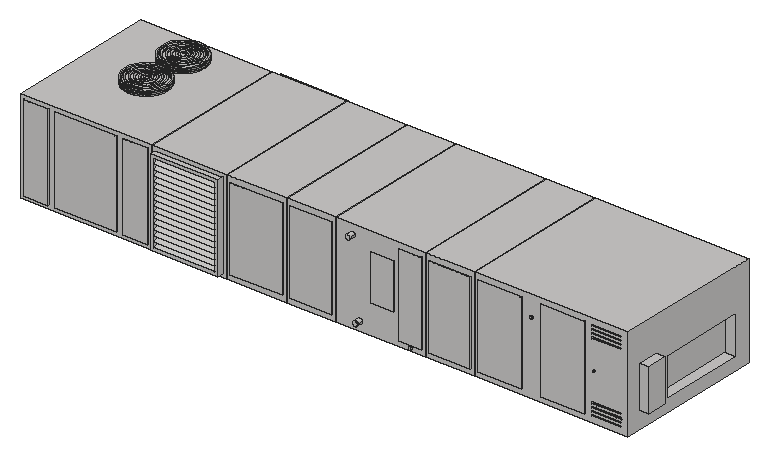
Revit family "Dedicated_Outdoor_Air_System_-_Applied Air_-_FAP", category Attrezzatura meccanica, host Superficie, Revit 2013
Parameters (values of type "Dedicated_Outdoor_Air_System_-_Applied Air_-_FAP")
  Voltage = 480 V
  Unit Weight = 6879.00 lbf
  URL = "http://www.appliedair.com"
  Type Filter = "(4) 20x20 and (2) 20x25"
  Type Compressor = "Scroll"  # constant formula
  Total Static Pressure [instance] = 0.00 in-wg
  Total Heating Capacity [instance] = 0.0 Btu/h
  Total Cooling Capacity = 301260.0 Btu/h
  Temperature Rise [instance] = 0 °F
  Tall Condenser Grille Width = if(G = 5' 10", 1' 1", if(G = 12' 4", 2' 3 31/64", if(G = 12' 10", 2' 4 77/128", 1' 1")))  # 1' - 1"
  Supply Air Pressure Drop [instance] = 0.00 in-wg
  Supply Air Outlet Flow [instance] = 0 CFM
  Supply Air Inlet Flow [instance] = 0 CFM
  Series = "FAP"  # constant formula
  Return Air Inlet Flow [instance] = 0 CFM
  Return Air Flow Height = 1' - 8"  # constant formula
  Refrigerant Type = "R410A"  # constant formula
  Refrigerant Supply Pressure [instance] = 0.00 psi
  Refrigerant Supply Flow [instance] = 0 GPM
  Refrigerant Return Pressure [instance] = 0.00 psi
  Refrigerant Return Flow [instance] = 0 GPM
  Product URL = "http://www.appliedair.com/fresh_air_package.asp"
  Phase = 3
  P = 3' - 4"
  Number of Rows = 4
  Number of Poles = 3
  Number of Motors = 2
  Number of Fans = 2
  Number of Compressors = 2
  Number of Coils = 2  # constant formula
  Nominal Width = 6' - 8"
  Nominal Length = G + P + 2' 8" + 2' 2" + 4' 0" + 2' 2" + B + 0' 5"  # 27' - 5"
  Nominal Height = 4' - 2"
  Motor Horsepower (HP) [instance] = 1
  Motor Brake Horsepower (BHP) [instance] = 0
  Motor Amps [instance] = 0 A
  Modello = "40/20"
  Minimum Input = 6000.0 Btu/h
  Minimum Air Flow = 1500 CFM
  Maximum Output = 160000.0 Btu/h
  Maximum Input = 200000.0 Btu/h
  Maximum Air Flow = 9500 CFM
  Produttore = "Applied Air"  # constant formula
  M = 3' - 10"
  Louver Distance = if(Nominal Height = 4' 2", 0' 2 111/128", if(Nominal Height = 5' 0", 0' 3 137/256", 0' 2 111/128"))  # 0' - 2 111/128"
  L = 1' - 8 3/4"
  K = 2' - 1 11/16"
  J = 0' - 6 3/4"
  Heating Leaving Water Temperature [instance] = 0 °F
  Heating Leaving Air Temperature Wet Bulb [instance] = 0 °F
  Heating Leaving Air Temperature Dry Bulb [instance] = 0 °F
  Heating Entering Water Temperature [instance] = 0 °F
  Heating Entering Air Temperature Wet Bulb [instance] = 0 °F
  Heating Entering Air Temperature Dry Bulb [instance] = 0 °F
  H = 0' - 3 1/16"
  Gas Pressure Drop [instance] = 0.00 in-wg
  Gas Inlet Vertical Offset = Nominal Height / 2  # 2' - 1"
  Gas Inlet Horizontal Offset = 1' - 6 1/16"  # constant formula
  Gas Connection Radius = 0' - 0 3/8"  # constant formula
  G = 5' - 10"
  Frequency = 60 Hz
  Filter Face Velocity [instance] = 0 FPM
  Fan Speed (RPM) = 1140  # constant formula
  Fan Diameter = 2' - 1 1/2"  # constant formula
  Fan Blade Offset = Nominal Width / 3.25  # 2' - 0.61538"
  Fan Blade Center = G / 2  # 2' - 11"
  FAP Material = Steel - Applied Air Metal - Series 400 - Galvanized
  Energy Efficiency Rating [instance] = 0
  Drain Flow [instance] = 0 GPM
  Design Supply Air Flow [instance] = 0 CFM
  Design Return Air Flow [instance] = 0 CFM
  Descrizione = "Dedicated Outdoor Air System"  # constant formula
  Default Elevation = 0' - 0"
  D = 5' - 8"
  Cooling Sensible Capacity [instance] = 0 Btu/h
  Cooling Leaving Air Temperature Wet Bulb [instance] = 0 °F
  Cooling Leaving Air Temperature Dry Bulb [instance] = 0 °F
  Cooling Entering Air Temperature Wet Bulb [instance] = 0 °F
  Cooling Entering Air Temperature Dry Bulb [instance] = 0 °F
  Cooling Coil Radius = 0' 2 1/2" / 2  # 0' - 1 1/4"
  Control Transformer Amps [instance] = 0 A
  Control Cabinet Access Door Width = B / 3.5  # 1' - 11.42857"
  Condensing Section Amps [instance] = 0 A
  Condensate Drain Radius = 0' - 0 3/4"  # constant formula
  Combustion Air Flow [instance] = 0 CFM
  Coil Face Area = 36.70 SF
  Coil Air Pressure Drop [instance] = 0.00 in-wg
  CADworks URL = "http://www.CADworks.net"
  B = 6' - 10"
  Codice assieme = "D3050200"
  Apparent Power [instance] = (Motor Amps + Control Transformer Amps + Condensing Section Amps) * Voltage * sqrt(if(Phase = 3, 3, 1))  # 0 VA
Types (2): name
  Dedicated_Outdoor_Air_System_-_Applied Air_-_FAP
  uta sara e chiara
Reference planes (in)
  plane 1 "Center (Front/Back)": y = 0
  plane 2: z = 0
  plane 3 "Center (Left/Right)": x = 0
  plane 4: x = 48
  plane 5: x = 74
  plane 6: x = 156
  plane 7: x = -26
  plane 8: x = -58
  plane 9: x = -98
  plane 10: x = -168
  plane 11: y = 40
  plane 12: y = -40
  plane 13: z = 50
  plane 14: x = 152.5
  plane 15: x = 136.35714
  plane 16: y = -14.3125
  plane 17: y = 31.6875
  plane 18: z = 6.75
  plane 19: z = 27.5
  plane 20: x = 152.9375
  plane 21: x = 132.1875
  plane 22: y = 34
  plane 23: y = -34
  plane 24: x = -31
  plane 25: x = -51
  plane 26: z = 47
  plane 27: z = 3
  plane 28: x = 40
  plane 29: z = 1.5
  plane 30: y = -43
  plane 31: x = 13
  plane 32: x = 9
  plane 33: z = 45
  plane 34: z = 5
  plane 35: x = 161
  plane 36: y = 43
  plane 37: y = -43.25
  plane 38: y = -40
  plane 39: y = 43.25
  plane 40: y = 40
  plane 41: x = -133
  plane 42: y = 24.61538
  plane 43: z = 53
  plane 44: x = -121.8125
  plane 45: z = 52.6875
  plane 46: x = -121.8125
  plane 47: z = 52.6875
  plane 48: z = 25
  plane 49: x = 137.9375
  plane 50: x = 146.71623
Forms (in)
  Extrusion 1, solid, material "Steel - Applied Air Metal - Series 400 - Galvanized" <- "FAP Material"
    sketch origin (6, 0, 0) x (1, 0, 0) y (0, 1, 0)
      loop
        line (-174, 40) -> (-174, -40) -> (-104, -40) -> (-104, 40) -> (-174, 40)
    from 0 to 50
  Extrusion 2, solid, material "Steel - Applied Air Metal - Series 400 - Galvanized" <- "FAP Material"
    sketch origin (6, 0, 0) x (1, 0, 0) y (0, 1, 0)
      loop
        line (-104, -40) -> (-64, -40) -> (-64, 40) -> (-104, 40) -> (-104, -40)
    from 0 to 50
  Extrusion 3, solid, material "Steel - Applied Air Metal - Series 400 - Galvanized" <- "FAP Material", detail levels medium+fine
    sketch origin (198, -40, 48) x (1, 0, 0) y (0, 0, -1)
      loop
        line (-294, 0) -> (-258, 0) -> (-258, 46) -> (-294, 46) -> (-294, 0)
      loop
        line (-292.5, 44.5) -> (-292.5, 1.5) -> (-259.5, 1.5) -> (-259.5, 44.5) -> (-292.5, 44.5)
    from 0 to -3.25
  Extrusion 4, solid, material "Steel - Applied Air Metal - Series 400 - Galvanized" <- "FAP Material", detail levels medium+fine
    sketch origin (198, 40, 48) x (1, 0, 0) y (0, 0, 1)
      loop
        line (-294, 0) -> (-294, -46) -> (-258, -46) -> (-258, 0) -> (-294, 0)
      loop
        line (-292.5, -1.5) -> (-292.5, -44.5) -> (-259.5, -44.5) -> (-259.5, -1.5) -> (-292.5, -1.5)
    from 0 to -3.25
  Extrusion 5, solid, material "Steel - Applied Air Metal - Series 400 - Galvanized" <- "FAP Material"
    sketch origin (6, 0, 0) x (1, 0, 0) y (0, 1, 0)
      loop
        line (-64, -40) -> (-32, -40) -> (-32, 40) -> (-64, 40) -> (-64, -40)
    from 0 to 50
  Extrusion 6, solid, material "Steel - Applied Air Metal - Series 400 - Galvanized" <- "FAP Material"
    sketch origin (0, 0, 0) x (1, 0, 0) y (0, 1, 0)
      loop
        line (-26, 40) -> (-26, -40) -> (0, -40) -> (0, 40) -> (-26, 40)
    from 0 to 50
  Extrusion 7, solid, material "Steel - Applied Air Metal - Series 400 - Galvanized" <- "FAP Material"
    sketch origin (0, 0, 0) x (1, 0, 0) y (0, 1, 0)
      loop
        line (0, -40) -> (48, -40) -> (48, 40) -> (0, 40) -> (0, -40)
    from 0 to 50
  Extrusion 8, solid, material "Steel - Applied Air Metal - Series 400 - Galvanized" <- "FAP Material"
    sketch origin (74, 0, 0) x (1, 0, 0) y (0, 1, 0)
      loop
        line (-26, 40) -> (-26, -40) -> (0, -40) -> (0, 40) -> (-26, 40)
    from 0 to 50
  Extrusion 9, solid, material "Steel - Applied Air Metal - Series 400 - Galvanized"
    sketch origin (0, 0, 0) x (1, 0, 0) y (0, 1, 0)
      loop
        line (74, -40) -> (156, -40) -> (156, 40) -> (74, 40) -> (74, -40)
    from 0 to 50
  Extrusion 10, solid, material "Steel - Applied Air Metal - Series 400 - Galvanized" <- "FAP Material", detail levels medium+fine
    sketch origin (192, -40, 48) x (1, 0, 0) y (0, 0, -1)
      loop
        line (-248, 1) -> (-220, 1) -> (-220, 45) -> (-248, 45) -> (-248, 1)
      loop
        line (-216, 1) -> (-194, 1) -> (-194, 45) -> (-216, 45) -> (-216, 1)
      loop
        line (-142, 1) -> (-120, 1) -> (-120, 45) -> (-142, 45) -> (-142, 1)
      loop
        line (-146, 1) -> (-146, 45) -> (-158, 45) -> (-158, 1) -> (-146, 1)
      loop
        line (-160.75, 8) -> (-160.75, 32) -> (-173, 32) -> (-173, 8) -> (-160.75, 8)
      loop
        line (-116, 1) -> (-92.57143, 1) -> (-92.57143, 45) -> (-116, 45) -> (-116, 1)
      loop
        line (-82.57143, 1) -> (-59.14286, 1) -> (-59.14286, 45) -> (-82.57143, 45) -> (-82.57143, 1)
      loop
        circle (-87.57143, 9) r 0.75
    from 0 to -0.25
  Extrusion 11, void
    sketch origin (192, -40, 48) x (-1, 0, 0) y (0, 0, -1)
      loop
        line (55.64286, 1) -> (55.64286, 2) -> (39.5, 2) -> (39.5, 1) -> (55.64286, 1)
      loop
        line (55.64286, 3) -> (55.64286, 4) -> (39.5, 4) -> (39.5, 3) -> (55.64286, 3)
      loop
        line (55.64286, 5) -> (55.64286, 6) -> (39.5, 6) -> (39.5, 5) -> (55.64286, 5)
      loop
        line (55.64286, 7) -> (55.64286, 8) -> (39.5, 8) -> (39.5, 7) -> (55.64286, 7)
      loop
        line (55.64286, 45) -> (39.5, 45) -> (39.5, 44) -> (55.64286, 44) -> (55.64286, 45)
      loop
        line (55.64286, 43) -> (39.5, 43) -> (39.5, 42) -> (55.64286, 42) -> (55.64286, 43)
      loop
        line (55.64286, 41) -> (39.5, 41) -> (39.5, 40) -> (55.64286, 40) -> (55.64286, 41)
      loop
        line (55.64286, 39) -> (39.5, 39) -> (39.5, 38) -> (55.64286, 38) -> (55.64286, 39)
    from 0 to -1
  Extrusion 12, void
    sketch origin (156, 26, 48) x (0, 1, 0) y (0, 0, 1)
      loop
        line (-40.3125, -41.25) -> (5.6875, -41.25) -> (5.6875, -20.5) -> (-40.3125, -20.5) -> (-40.3125, -41.25)
    from 0 to -6
  Extrusion 13, void
    sketch origin (0, 0, 0) x (1, 0, 0) y (0, 1, 0)
      loop
        line (152.9375, 31.6875) -> (132.1875, 31.6875) -> (132.1875, -14.3125) -> (152.9375, -14.3125) -> (152.9375, 31.6875)
    from 0 to 6
  Extrusion 14, void
    sketch origin (0, 0, 0) x (1, 0, 0) y (0, 1, 0)
      loop
        line (-31, -34) -> (-31, 34) -> (-51, 34) -> (-51, -34) -> (-31, -34)
    from 0 to 6
  Extrusion 15, solid, material "Steel - Applied Air Metal - Series 400 - Galvanized" <- "FAP Material", detail levels fine
    sketch origin (192, -40, 48) x (1, 0, 0) y (0, 0, -1)
      loop
        circle (-152, 46.5) r 0.75
    from 0 to -0.5
  Extrusion 16, solid, material "Steel - Applied Air Metal - Series 400 - Galvanized" <- "FAP Material", detail levels medium+fine
    sketch origin (192, -40, 48) x (1, 0, 0) y (0, 0, -1)
      loop
        circle (-179, 43) r 1.25
      loop
        circle (-183, 3) r 1.25
    from 0 to -3
  Extrusion 17, solid, material "Steel - Applied Air Metal - Series 400 - Galvanized" <- "FAP Material", detail levels medium+fine
    sketch origin (192, 40, 56.57627) x (1, 0, 0) y (0, 0, 1)
      loop
        line (-158, -9.57627) -> (-158, -53.57627) -> (-146, -53.57627) -> (-146, -9.57627) -> (-158, -9.57627)
      loop
        line (-92.57143, -53.57627) -> (-92.57143, -9.57627) -> (-116, -9.57627) -> (-116, -53.57627) -> (-92.57143, -53.57627)
    from 0 to -0.25
  Extrusion 18, solid, material "Steel - Applied Air Metal - Series 400 - Galvanized" <- "FAP Material", detail levels medium+fine
    sketch origin (161, 26, 48) x (0, -1, 0) y (0, 0, 1)
      loop
        line (58.65625, -38.5) -> (58.65625, -16) -> (47.65625, -16) -> (47.65625, -38.5) -> (58.65625, -38.5)
    from 0 to 5
  Extrusion 19, solid, material "Steel - Applied Air Metal - Series 400 - Galvanized" <- "FAP Material", detail levels fine
    sketch origin (192, 40, 56.57627) x (1, 0, 0) y (0, 0, 1)
      loop
        circle (-45.28377, -55.07627) r 0.75
    from 0 to -0.5
  Extrusion 20, solid, material "Steel - Applied Air Metal - Series 400 - Galvanized" <- "FAP Material", detail levels fine
    sketch origin (-98, 26, 48) x (0, -1, 0) y (0, 0, 1)
      loop
        line (68.87211, -4.35938) -> (69.25, -4.35938) -> (66, -1.49219) -> (66, -1.82557) -> (68.87211, -4.35938)
      loop
        line (68.87211, -7.22656) -> (69.25, -7.22656) -> (66, -4.35938) -> (66, -4.69276) -> (68.87211, -7.22656)
      loop
        line (68.87211, -10.09375) -> (69.25, -10.09375) -> (66, -7.22656) -> (66, -7.55994) -> (68.87211, -10.09375)
      loop
        line (68.87211, -12.96094) -> (69.25, -12.96094) -> (66, -10.09375) -> (66, -10.42713) -> (68.87211, -12.96094)
      loop
        line (68.87211, -15.82813) -> (69.25, -15.82813) -> (66, -12.96094) -> (66, -13.29432) -> (68.87211, -15.82813)
      loop
        line (68.87211, -18.69531) -> (69.25, -18.69531) -> (66, -15.82813) -> (66, -16.16151) -> (68.87211, -18.69531)
      loop
        line (68.87211, -21.5625) -> (69.25, -21.5625) -> (66, -18.69531) -> (66, -19.02869) -> (68.87211, -21.5625)
      loop
        line (68.87211, -24.42969) -> (69.25, -24.42969) -> (66, -21.5625) -> (66, -21.89588) -> (68.87211, -24.42969)
      loop
        line (68.87211, -27.29688) -> (69.25, -27.29688) -> (66, -24.42969) -> (66, -24.76307) -> (68.87211, -27.29688)
      loop
        line (68.87211, -30.16406) -> (69.25, -30.16406) -> (66, -27.29688) -> (66, -27.63026) -> (68.87211, -30.16406)
      loop
        line (68.87211, -33.03125) -> (69.25, -33.03125) -> (66, -30.16406) -> (66, -30.49744) -> (68.87211, -33.03125)
      loop
        line (68.87211, -35.89844) -> (69.25, -35.89844) -> (66, -33.03125) -> (66, -33.36463) -> (68.87211, -35.89844)
      loop
        line (68.87211, -38.76563) -> (69.25, -38.76563) -> (66, -35.89844) -> (66, -36.23182) -> (68.87211, -38.76563)
      loop
        line (68.87211, -41.63281) -> (69.25, -41.63281) -> (66, -38.76563) -> (66, -39.09901) -> (68.87211, -41.63281)
      loop
        line (68.87211, -44.5) -> (69.25, -44.5) -> (66, -41.63281) -> (66, -41.96619) -> (68.87211, -44.5)
      loop
        line (-16.87211, -4.35938) -> (-14, -1.82557) -> (-14, -1.49219) -> (-17.25, -4.35938) -> (-16.87211, -4.35938)
      loop
        line (-16.87211, -7.22656) -> (-14, -4.69276) -> (-14, -4.35938) -> (-17.25, -7.22656) -> (-16.87211, -7.22656)
      loop
        line (-16.87211, -10.09375) -> (-14, -7.55994) -> (-14, -7.22656) -> (-17.25, -10.09375) -> (-16.87211, -10.09375)
      loop
        line (-16.87211, -12.96094) -> (-14, -10.42713) -> (-14, -10.09375) -> (-17.25, -12.96094) -> (-16.87211, -12.96094)
      loop
        line (-16.87211, -15.82813) -> (-14, -13.29432) -> (-14, -12.96094) -> (-17.25, -15.82813) -> (-16.87211, -15.82813)
      loop
        line (-16.87211, -18.69531) -> (-14, -16.16151) -> (-14, -15.82813) -> (-17.25, -18.69531) -> (-16.87211, -18.69531)
      loop
        line (-16.87211, -21.5625) -> (-14, -19.02869) -> (-14, -18.69531) -> (-17.25, -21.5625) -> (-16.87211, -21.5625)
      loop
        line (-16.87211, -24.42969) -> (-14, -21.89588) -> (-14, -21.5625) -> (-17.25, -24.42969) -> (-16.87211, -24.42969)
      loop
        line (-16.87211, -27.29688) -> (-14, -24.76307) -> (-14, -24.42969) -> (-17.25, -27.29688) -> (-16.87211, -27.29688)
      loop
        line (-16.87211, -30.16406) -> (-14, -27.63026) -> (-14, -27.29688) -> (-17.25, -30.16406) -> (-16.87211, -30.16406)
      loop
        line (-16.87211, -33.03125) -> (-14, -30.49744) -> (-14, -30.16406) -> (-17.25, -33.03125) -> (-16.87211, -33.03125)
      loop
        line (-16.87211, -35.89844) -> (-14, -33.36463) -> (-14, -33.03125) -> (-17.25, -35.89844) -> (-16.87211, -35.89844)
      loop
        line (-16.87211, -38.76563) -> (-14, -36.23182) -> (-14, -35.89844) -> (-17.25, -38.76563) -> (-16.87211, -38.76563)
      loop
        line (-16.87211, -41.63281) -> (-14, -39.09901) -> (-14, -38.76563) -> (-17.25, -41.63281) -> (-16.87211, -41.63281)
      loop
        line (-16.87211, -44.5) -> (-14, -41.96619) -> (-14, -41.63281) -> (-17.25, -44.5) -> (-16.87211, -44.5)
    from -36.5 to -3.5
  Revolve 21, solid, material "Steel - Applied Air Metal - Series 400 - Galvanized" <- "FAP Material", detail levels medium+fine
    sketch origin (0, 0, 0) x (1, 0, 0) y (0, 0, 1)
      loop
        circle (-121.8125, 50.3125) r 0.3125
      loop
        circle (-121.8125, 52.6875) r 0.3125
      loop
        circle (-121.8125, 51.10532) r 0.3125
      loop
        circle (-121.8125, 51.89468) r 0.3125
      loop
        circle (-132.3125, 52.6875) r 0.3125
      loop
        circle (-130.2125, 52.6875) r 0.3125
      loop
        circle (-128.1125, 52.6875) r 0.3125
      loop
        circle (-126.0125, 52.6875) r 0.3125
      loop
        circle (-123.9125, 52.6875) r 0.3125
      axis (-133, 50.3125) -> (-133, 52.6875)
    angle from 0 to 360
  Revolve 22, solid, material "Steel - Applied Air Metal - Series 400 - Galvanized" <- "FAP Material", detail levels medium+fine
    sketch origin (192, 24.61538, 48) x (1, 0, 0) y (0, 0, 1)
      loop
        circle (-313.8125, 2.3125) r 0.3125
      loop
        circle (-313.8125, 4.6875) r 0.3125
      loop
        circle (-313.8125, 3.10532) r 0.3125
      loop
        circle (-313.8125, 3.89468) r 0.3125
      loop
        circle (-324.3125, 4.6875) r 0.3125
      loop
        circle (-322.2125, 4.6875) r 0.3125
      loop
        circle (-320.1125, 4.6875) r 0.3125
      loop
        circle (-318.0125, 4.6875) r 0.3125
      loop
        circle (-315.9125, 4.6875) r 0.3125
      axis (-325, 2.3125) -> (-325, 4.6875)
    angle from 0 to 360
  Extrusion 23, solid, material "Steel - Applied Air Metal - Series 400 - Galvanized" <- "FAP Material", detail levels fine
    sketch origin (192, -40, 48) x (1, 0, 0) y (0, 0, -1)
      loop
        circle (-54.0625, 23) r 0.375
    from 0 to -0.5
  Extrusion 24, solid, material "Steel - Applied Air Metal - Series 400 - Galvanized" <- "FAP Material", detail levels medium+fine
    sketch origin (192, -40, 48) x (1, 0, 0) y (0, 0, -1)
      loop
        line (-345, 0) -> (-345, 46) -> (-358, 46) -> (-358, 0) -> (-345, 0)
      loop
        line (-292, 46) -> (-305, 46) -> (-305, 0) -> (-292, 0) -> (-292, 46)
      loop
        line (-341.5, 46) -> (-341.5, 0) -> (-308.5, 0) -> (-308.5, 46) -> (-341.5, 46)
    from 0 to -0.25
  Extrusion 25, solid, material "Steel - Applied Air Metal - Series 400 - Galvanized" <- "FAP Material", detail levels medium+fine
    sketch origin (192, 40, 56.57627) x (1, 0, 0) y (0, 0, 1)
      loop
        line (-345, -8.57627) -> (-358, -8.57627) -> (-358, -54.57627) -> (-345, -54.57627) -> (-345, -8.57627)
      loop
        line (-292, -54.57627) -> (-292, -8.57627) -> (-305, -8.57627) -> (-305, -54.57627) -> (-292, -54.57627)
      loop
        line (-341.5, -54.57627) -> (-308.5, -54.57627) -> (-308.5, -8.57627) -> (-341.5, -8.57627) -> (-341.5, -54.57627)
    from 0 to -0.25
  Extrusion 26, solid, material "Steel - Applied Air Metal - Series 400 - Galvanized" <- "FAP Material", detail levels medium+fine
    sketch origin (-168, 26, 48) x (0, -1, 0) y (0, 0, 1)
      loop
        line (64, -46) -> (64, 0) -> (27, 0) -> (27, -46) -> (64, -46)
      loop
        line (-12, -46) -> (25, -46) -> (25, 0) -> (-12, 0) -> (-12, -46)
    from 0 to 0.25
Cuts and joins
  Extrusion 11, Extrusion 12, Extrusion 13 cuts Extrusion 9
  Extrusion 14 cuts Extrusion 5
Lines and regions (in)
  symbolic lines, detail levels medium+fine
    curve 1: circle (-133, 24.61538, 50) r 11.5 normal (0, 0, 1)
    curve 2: circle (-133, 0, 50) r 11.5 normal (0, 0, 1)
    curve 3: line (-133, -11.5, 50) -> (-133, 11.5, 50)
    curve 4: line (-144.5, 0, 50) -> (-121.5, 0, 50)
    curve 5: line (-133, 13.11538, 50) -> (-133, 36.11538, 50)
    curve 6: line (-144.5, 24.61538, 50) -> (-121.5, 24.61538, 50)
    curve 7: line (-141.13174, 16.48367, 50) -> (-124.86826, 32.7471, 50)
    curve 8: line (-124.86826, 16.48367, 50) -> (-141.13174, 32.7471, 50)
    curve 9: line (-141.13174, -8.13171, 50) -> (-124.86826, 8.13171, 50)
    curve 10: line (-124.86826, -8.13171, 50) -> (-141.13174, 8.13171, 50)
    curve 21: line (-96, -40, 0) -> (-96, -43.25, 0)
    curve 22: line (-96, -43.25, 0) -> (-60, -43.25, 0)
    curve 23: line (-60, -43.25, 0) -> (-60, -40, 0)
    curve 24: line (-96, 43.25, 0) -> (-96, 40, 0)
    curve 25: line (-60, 43.25, 0) -> (-96, 43.25, 0)
    curve 26: line (-60, 40, 0) -> (-60, 43.25, 0)
    curve 27: line (156, -32.65625, 0) -> (161, -32.65625, 0)
    curve 28: line (161, -32.65625, 0) -> (161, -21.65625, 0)
    curve 29: line (161, -21.65625, 0) -> (156, -21.65625, 0)
  symbolic lines
    curve 11: line (-168, 40, 0) -> (156, 40, 0)
    curve 12: line (156, 40, 0) -> (156, -40, 0)
    curve 13: line (156, -40, 0) -> (-168, -40, 0)
    curve 14: line (-168, -40, 0) -> (-168, 40, 0)
  symbolic lines, detail levels fine
    curve 15: line (74, 40, 0) -> (74, -40, 0)
    curve 16: line (48, -40, 0) -> (48, 40, 0)
    curve 17: line (0, 40, 0) -> (0, -40, 0)
    curve 18: line (-26, 40, 0) -> (-26, -40, 0)
    curve 19: line (-98, 40, 0) -> (-98, -40, 0)
    curve 20: line (-58, 40, 0) -> (-58, -40, 0)
Dimensions and locks (in)
  locked: plane 3 "Center (Left/Right)" to plane 4 at 48
  locked: plane 4 to plane 5 at 26
  "B": plane 5 to plane 6
  locked: plane 8 to plane 7 at 32
  "P": plane 9 to plane 8
  "G": plane 10 to plane 9
  equal spacing: plane 11, plane 1 "Center (Front/Back)", plane 12
  "Nominal Width": plane 11 to plane 12
  "Nominal Height": plane 13 to plane 2
  locked: plane 13 to Extrusion 3 sketch curve at 2
  locked: Extrusion 3 sketch curve to plane 8 at 2
  locked: Extrusion 3 sketch curve to plane 9 at 2
  locked: Extrusion 3 sketch curve to plane 2 at 2
  locked: plane 12 to Extrusion 3 at 3.25
  locked: plane 11 to Extrusion 4 at 3.25
  locked: plane 7 to plane 3 "Center (Left/Right)" at 26
  locked: plane 8 to Extrusion 10 sketch curve at 2
  locked: Extrusion 10 sketch curve to Extrusion 10 sketch curve at 28
  locked: plane 3 "Center (Left/Right)" to Extrusion 10 sketch curve at 2
  locked: Extrusion 10 sketch curve to Extrusion 10 sketch curve at 22
  locked: plane 4 to Extrusion 10 sketch curve at 2
  locked: Extrusion 10 sketch curve to plane 5 at 2
  locked: Extrusion 10 sketch curve to plane 4 at 2
  locked: Extrusion 10 sketch curve to Extrusion 10 sketch curve at 12
  locked: Extrusion 10 sketch curve to Extrusion 10 sketch curve at 2.75
  locked: Extrusion 10 sketch curve to plane 2 at 16
  locked: plane 13 to Extrusion 10 sketch curve at 10
  locked: Extrusion 10 sketch curve to Extrusion 10 sketch curve at 12.25
  locked: plane 5 to Extrusion 10 sketch curve at 2
  "Control Cabinet Access Door Width": Extrusion 10 sketch curve to Extrusion 10 sketch curve  (x2)
  locked: plane 12 to Extrusion 10 at 0.25
  locked: Extrusion 10 sketch curve to Extrusion 10 sketch curve at 10
  locked: plane 14 to plane 6 at 3.5
  Extrusion 11 sketch curve to Extrusion 11 sketch curve to Extrusion 11 sketch curve to Extrusion 11 sketch curve to Extrusion 11 sketch curve to Extrusion 11 sketch curve to Extrusion 11 sketch curve to Extrusion 11 sketch curve to plane 2 = 0' - 1" locked, 0' - 1" locked, 0' - 1" locked, 0' - 1" locked, 0' - 1" locked, 0' - 1" locked, 0' - 1" locked, 0' - 3" locked
  plane 13 to Extrusion 11 sketch curve to Extrusion 11 sketch curve to Extrusion 11 sketch curve to Extrusion 11 sketch curve to Extrusion 11 sketch curve to Extrusion 11 sketch curve to Extrusion 11 sketch curve to Extrusion 11 sketch curve = 0' - 3" locked, 0' - 1" locked, 0' - 1" locked, 0' - 1" locked, 0' - 1" locked, 0' - 1" locked, 0' - 1" locked, 0' - 1" locked
  locked: plane 12 to cut or joined group of Extrusion 9, Extrusion 11, Extrusion 12, Extrusion 13 at 1
  locked: plane 15 to plane 14 at 16.14286
  "K": plane 16 to plane 12
  "M": plane 17 to plane 16
  "J": plane 18 to plane 2
  "L": plane 19 to plane 18
  locked: cut or joined group of Extrusion 9, Extrusion 11, Extrusion 12, Extrusion 13 to plane 6 at 6
  "H": plane 20 to plane 6
  "L": plane 21 to plane 20
  locked: cut or joined group of Extrusion 9, Extrusion 11, Extrusion 12, Extrusion 13 to plane 2 at 6
  locked: plane 22 to plane 11 at 6
  "D": plane 22 to plane 23
  locked: plane 25 to plane 24 at 20
  locked: cut or joined group of Extrusion 5, Extrusion 14 to plane 2 at 6
  locked: plane 8 to plane 25 at 7
  locked: plane 13 to plane 26 at 3
  locked: plane 27 to plane 2 at 3
  locked: plane 28 to plane 4 at 8
  locked: plane 29 to plane 2 at 1.5
  locked: plane 29 to Extrusion 15 sketch curve at 0
  locked: plane 28 to Extrusion 15 sketch curve at 0
  locked: plane 12 to plane 30 at 3
  locked: plane 13 to plane 33 at 5
  locked: plane 34 to plane 2 at 5
  locked: plane 34 to Extrusion 16 sketch curve at 0
  locked: plane 31 to Extrusion 16 sketch curve at 0
  locked: plane 33 to Extrusion 16 sketch curve at 0
  locked: plane 32 to Extrusion 16 sketch curve at 0
  locked: plane 11 to Extrusion 17 at 0.25
  locked: plane 6 to plane 35 at 5
  plane 12 to Extrusion 18 sketch curve to Extrusion 18 sketch curve = 0' - 7 11/32" locked, 0' - 11" locked
  locked: Extrusion 18 sketch curve to plane 2 at 9.5
  locked: Extrusion 18 sketch curve to plane 19 at 4.5
  locked: plane 29 to Extrusion 19 sketch curve at 0
  locked: plane 11 to plane 36 at 3
  locked: Extrusion 3 sketch curve to Extrusion 3 sketch curve at 1.5  (x4)
  plane 9 to Extrusion 4 sketch curve to Extrusion 4 sketch curve = 0' - 2" locked, 0' - 1 1/2" locked
  plane 13 to Extrusion 4 sketch curve to Extrusion 4 sketch curve = 0' - 2" locked, 0' - 1 1/2" locked
  Extrusion 4 sketch curve to Extrusion 4 sketch curve to plane 8 = 0' - 1 1/2" locked, 0' - 2" locked
  Extrusion 4 sketch curve to Extrusion 4 sketch curve to plane 2 = 0' - 1 1/2" locked, 0' - 2" locked
  locked: Extrusion 20 sketch curve to plane 2 at 3.5  (x2)
  "Louver Distance": Extrusion 20 sketch curve to Extrusion 20 sketch curve  (x28)
  Extrusion 20 sketch curve to Extrusion 20 sketch curve to Extrusion 20 sketch curve = 0' - 0.33338" locked, 0' - 2.53381" locked  (x30)
  Extrusion 3 to Extrusion 3 = 3' - 7"
  locked: plane 26 to Extrusion 10 sketch curve at 8
  locked: Extrusion 10 sketch curve to Extrusion 10 sketch curve at 5
  "Fan Blade Center": plane 10 to plane 41
  "Fan Blade Offset": plane 1 "Center (Front/Back)" to plane 42
  locked: plane 43 to plane 13 at 3
  plane 41 to Revolve 21 sketch curve to Revolve 21 sketch curve to Revolve 21 sketch curve to Revolve 21 sketch curve to Revolve 21 sketch curve = 0' - 0 11/16" locked, 0' - 2.1" locked, 0' - 2.1" locked, 0' - 2.1" locked, 0' - 2.1" locked
  locked: plane 44 to Revolve 21 sketch curve at 0  (x4)
  plane 43 to Revolve 21 sketch curve to Revolve 21 sketch curve to Revolve 21 sketch curve = 0' - 1.10532" locked, 0' - 0.78936" locked, 0' - 0.79282" locked
  locked: plane 43 to plane 45 at 0.3125
  locked: plane 45 to Revolve 21 sketch curve at 0
  plane 45 to Revolve 21 sketch curve to Revolve 21 sketch curve to Revolve 21 sketch curve to Revolve 21 sketch curve = 0' - 0" locked, 0' - 0" locked, 0' - 0" locked, 0' - 0" locked
  Revolve 22 sketch curve to Revolve 22 sketch curve to Revolve 22 sketch curve to Revolve 22 sketch curve to Revolve 22 sketch curve = 0' - 2.1" locked, 0' - 2.1" locked, 0' - 2.1" locked, 0' - 2.1" locked
  locked: plane 46 to Revolve 22 sketch curve at 0  (x4)
  Revolve 22 sketch curve to Revolve 22 sketch curve to Revolve 22 sketch curve = 0' - 0.78936" locked, 0' - 0.79282" locked
  locked: plane 47 to Revolve 22 sketch curve at 0
  plane 47 to Revolve 22 sketch curve to Revolve 22 sketch curve to Revolve 22 sketch curve to Revolve 22 sketch curve = 0' - 0" locked, 0' - 0" locked, 0' - 0" locked, 0' - 0" locked
  locked: plane 41 to Revolve 22 sketch curve at 0.6875
  locked: plane 43 to plane 47 at 0.3125
  locked: plane 41 to plane 46 at 11.1875
  locked: plane 43 to Revolve 22 sketch curve at 1.10532
  "Gas Inlet Vertical Offset": plane 48 to plane 2
  "Gas Inlet Horizontal Offset": plane 49 to plane 6
  locked: plane 48 to Extrusion 23 sketch curve at 0
  locked: plane 49 to Extrusion 23 sketch curve at 0
  locked: Extrusion 23 to plane 12 at 0.5
  locked: plane 11 to Extrusion 19 at 0.5
  locked: plane 12 to Extrusion 15 at 0.5
  locked: plane 31 to plane 28 at 27
  locked: plane 32 to plane 31 at 4
  locked: plane 42 to curve 1 at 0
  locked: plane 41 to curve 1 at 0
  locked: plane 1 "Center (Front/Back)" to curve 2 at 0
  locked: plane 41 to curve 2 at 0
  locked: plane 1 "Center (Front/Back)" to curve 10 at 8.13171
  locked: plane 1 "Center (Front/Back)" to curve 9 at 8.13171
  locked: curve 10 to plane 1 "Center (Front/Back)" at 8.13171
  locked: curve 9 to plane 1 "Center (Front/Back)" at 8.13171
  curve 7 to plane 42 to curve 8 = 0' - 8.13171" locked, 0' - 8.13171" locked
  curve 8 to plane 42 to curve 7 = 0' - 8.13171" locked, 0' - 8.13171" locked
  locked: plane 41 to plane 44 at 11.1875
  equal spacing: plane 38, plane 1 "Center (Front/Back)", plane 40
  "Nominal Width": plane 38 to plane 40
  locked: plane 40 to plane 39 at 3.25
  locked: plane 37 to plane 38 at 3.25
  locked: Extrusion 24 sketch curve to Extrusion 24 sketch curve at 3.5  (x2)
  "Tall Condenser Grille Width": Extrusion 24 sketch curve to Extrusion 24 sketch curve  (x2)
  locked: plane 10 to Extrusion 24 sketch curve at 2
  locked: Extrusion 24 sketch curve to plane 9 at 2
  locked: plane 13 to Extrusion 24 sketch curve at 2  (x3)
  locked: Extrusion 24 sketch curve to plane 2 at 2  (x3)
  locked: plane 12 to Extrusion 24 at 0.25
  locked: Extrusion 25 sketch curve to Extrusion 25 sketch curve at 3.5  (x2)
  "Tall Condenser Grille Width": Extrusion 25 sketch curve to Extrusion 25 sketch curve  (x2)
  locked: plane 13 to Extrusion 25 sketch curve at 2  (x3)
  locked: Extrusion 25 sketch curve to plane 2 at 2  (x3)
  locked: plane 11 to Extrusion 25 at 0.25
  locked: Extrusion 26 sketch curve to plane 11 at 2
  locked: plane 13 to Extrusion 26 sketch curve at 2  (x2)
  locked: plane 12 to Extrusion 26 sketch curve at 2
  Extrusion 26 sketch curve to plane 1 "Center (Front/Back)" to Extrusion 26 sketch curve = 0' - 1" locked, 0' - 1" locked
  locked: Extrusion 26 sketch curve to plane 2 at 2  (x2)
  locked: Extrusion 26 to plane 10 at 0.25
  locked: plane 50 to plane 6 at 9.28377
  locked: plane 50 to Extrusion 19 sketch curve
  radius of Extrusion 10 sketch curve = 0' - 0 3/4"
  radius of Revolve 21 sketch curve = 0' - 0 5/16"  (x10)
  radius of Revolve 22 sketch curve = 0' - 0 5/16"  (x10)
  "Condensate Drain Radius": radius of Extrusion 15 sketch curve
  "Condensate Drain Radius": radius of Extrusion 19 sketch curve
  "Cooling Coil Radius": radius of Extrusion 16 sketch curve  (x2)
  "Gas Connection Radius": radius of Extrusion 23 sketch curve
  radius of curve 1 = 0' - 11 1/2"
  radius of curve 2 = 0' - 11 1/2"
  aligned and locked: host face to plane 2
  aligned and locked: level to host face
  aligned and locked: plane 10 to Extrusion 1 sketch curve
  aligned and locked: plane 11 to Extrusion 1 sketch curve
  aligned and locked: plane 12 to Extrusion 1 sketch curve
  aligned and locked: plane 9 to Extrusion 1 sketch curve
  aligned and locked: plane 13 to Extrusion 1
  aligned and locked: Extrusion 1 to plane 2
  aligned and locked: plane 9 to Extrusion 2 sketch curve
  aligned and locked: Extrusion 2 sketch curve to plane 12
  aligned and locked: plane 11 to Extrusion 2 sketch curve
  aligned and locked: Extrusion 2 sketch curve to plane 8
  aligned and locked: plane 13 to Extrusion 2
  aligned and locked: Extrusion 2 to plane 2
  aligned and locked: plane 12 to Extrusion 3
  aligned and locked: plane 11 to Extrusion 4
  aligned and locked: Extrusion 5 sketch curve to Extrusion 2
  aligned and locked: Extrusion 2 to Extrusion 5 sketch curve
  aligned and locked: plane 11 to Extrusion 5 sketch curve
  aligned and locked: Extrusion 5 sketch curve to plane 7
  aligned and locked: plane 13 to Extrusion 5
  aligned and locked: Extrusion 5 to plane 2
  aligned and locked: plane 11 to Extrusion 6 sketch curve
  aligned and locked: plane 12 to Extrusion 6 sketch curve
  aligned and locked: Extrusion 6 sketch curve to plane 3 "Center (Left/Right)"
  aligned and locked: plane 13 to Extrusion 6
  aligned and locked: Extrusion 6 to plane 2
  aligned and locked: Extrusion 7 sketch curve to Extrusion 6
  aligned and locked: Extrusion 6 to Extrusion 7 sketch curve
  aligned and locked: plane 11 to Extrusion 7 sketch curve
  aligned and locked: Extrusion 7 sketch curve to plane 4
  aligned and locked: plane 13 to Extrusion 7
  aligned and locked: Extrusion 7 to plane 2
  aligned and locked: plane 5 to Extrusion 8 sketch curve
  aligned and locked: plane 11 to Extrusion 8 sketch curve
  aligned and locked: Extrusion 8 sketch curve to plane 4
  aligned and locked: plane 12 to Extrusion 8 sketch curve
  aligned and locked: plane 13 to Extrusion 8
  aligned and locked: Extrusion 8 to plane 2
  aligned and locked: Extrusion 9 sketch curve to Extrusion 8
  aligned and locked: Extrusion 8 to Extrusion 9 sketch curve
  aligned and locked: plane 11 to Extrusion 9 sketch curve
  aligned and locked: Extrusion 9 sketch curve to plane 6
  aligned and locked: plane 13 to Extrusion 9
  aligned and locked: Extrusion 9 to plane 2
  aligned and locked: plane 7 to Extrusion 6
  aligned and locked: plane 12 to Extrusion 10
  aligned and locked: Extrusion 11 sketch curve to plane 14  (x4)
  aligned and locked: Extrusion 11 sketch curve to plane 15  (x3)
  aligned and locked: plane 15 to Extrusion 11 sketch curve  (x5)
  aligned and locked: plane 14 to Extrusion 11 sketch curve  (x4)
  aligned and locked: cut or joined group of Extrusion 9, Extrusion 11, Extrusion 12, Extrusion 13 to plane 12
  aligned and locked: plane 16 to Extrusion 12 sketch curve
  aligned and locked: Extrusion 12 sketch curve to plane 18
  aligned and locked: plane 19 to Extrusion 12 sketch curve
  aligned and locked: plane 17 to Extrusion 12 sketch curve
  aligned and locked: cut or joined group of Extrusion 9, Extrusion 11, Extrusion 12, Extrusion 13 to plane 6
  aligned and locked: plane 20 to Extrusion 13 sketch curve
  aligned and locked: plane 17 to Extrusion 13 sketch curve
  aligned and locked: plane 21 to Extrusion 13 sketch curve
  aligned and locked: Extrusion 13 sketch curve to plane 16
  aligned and locked: cut or joined group of Extrusion 9, Extrusion 11, Extrusion 12, Extrusion 13 to plane 2
  aligned and locked: plane 24 to Extrusion 14 sketch curve
  aligned and locked: plane 23 to Extrusion 14 sketch curve
  aligned and locked: plane 22 to Extrusion 14 sketch curve
  aligned and locked: Extrusion 14 sketch curve to plane 25
  aligned and locked: cut or joined group of Extrusion 5, Extrusion 14 to plane 2
  aligned and locked: Extrusion 10 sketch curve to plane 26  (x6)
  aligned and locked: Extrusion 10 sketch curve to plane 27  (x6)
  aligned: Extrusion 15 to plane 30
  aligned and locked: plane 12 to Extrusion 15
  aligned: Extrusion 16 to Extrusion 15
  aligned and locked: plane 12 to Extrusion 16
  aligned and locked: Extrusion 17 sketch curve to Extrusion 10  (x8)
  aligned and locked: plane 11 to Extrusion 17
  aligned and locked: Extrusion 18 to plane 35
  aligned and locked: plane 6 to Extrusion 18
  aligned and locked: plane 11 to Extrusion 19
  aligned: Extrusion 19 to plane 36
  aligned and locked: Extrusion 20 sketch curve to plane 38  (x15)
  aligned and locked: plane 37 to Extrusion 20 sketch curve  (x15)
  aligned and locked: Extrusion 20 to Extrusion 3  (x2)
  aligned and locked: plane 40 to Extrusion 20 sketch curve  (x15)
  aligned and locked: Extrusion 20 sketch curve to plane 39  (x15)
  aligned and locked: Revolve 21 sketch curve to plane 41
  aligned and locked: Revolve 22 sketch curve to plane 41
  aligned and locked: plane 42 to Revolve 22 sketch curve
  aligned and locked: plane 12 to Extrusion 23
  aligned and locked: plane 1 "Center (Front/Back)" to curve 4
  aligned and locked: curve 3 to plane 41
  aligned and locked: curve 6 to plane 42
  aligned and locked: curve 5 to plane 41
  aligned and locked: plane 11 to curve 11
  aligned and locked: curve 14 to plane 10
  aligned and locked: plane 12 to curve 13
  aligned and locked: plane 6 to curve 12
  aligned and locked: plane 5 to curve 15
  aligned and locked: curve 16 to plane 4
  aligned and locked: curve 17 to plane 3 "Center (Left/Right)"
  aligned and locked: plane 7 to curve 18
  aligned and locked: plane 9 to curve 19
  aligned and locked: plane 8 to curve 20
  aligned and locked: curve 21 to Extrusion 3
  aligned and locked: curve 22 to Extrusion 3
  aligned and locked: curve 23 to Extrusion 3
  aligned and locked: curve 24 to Extrusion 4
  aligned and locked: curve 25 to Extrusion 4
  aligned and locked: curve 26 to Extrusion 4
  aligned and locked: curve 27 to Extrusion 18
  aligned and locked: curve 28 to Extrusion 18
  aligned and locked: curve 29 to Extrusion 18
  aligned and locked: plane 12 to Extrusion 24
  aligned and locked: plane 11 to Extrusion 25
  aligned and locked: Extrusion 26 to plane 10
Automatic sketch dimensions
  host sketch curve to host sketch curve = 38' - 7.86627"
  host sketch curve to host sketch curve = 15' - 9 209/256"
  plane 36 to Extrusion 20 sketch curve = 0' - 0.12789"  (x15)
  plane 30 to Extrusion 20 sketch curve = 0' - 0.12789"  (x15)
  Revolve 21 sketch curve to plane 45 = 0' - 0"
  plane 43 to Revolve 21 sketch curve = 0' - 2 3/4"
  Revolve 21 sketch curve to Revolve 21 sketch curve = 0' - 3 1/4"
  Revolve 22 sketch curve to plane 47 = 0' - 0"
  plane 43 to Revolve 22 sketch curve = 0' - 2 3/4"
  Revolve 22 sketch curve to Revolve 22 sketch curve = 0' - 3 1/4"
  Extrusion 6 sketch curve to plane 7 = 0' - 0"
  curve 4 to curve 2 = 0' - 11 1/2"
  Extrusion 25 sketch curve to plane 10 = 0' - 2"
  Extrusion 25 sketch curve to plane 41 = 1' - 4 1/2"
Connectors (in)
  hvac at (-41, 0, 0), driven by "D", driven by "Return Air Inlet Flow", driven by "Return Air Flow Height"
    settings: on cut or joined group of Extrusion 5, Extrusion 14, index 1, duct flow 0 CFM, flow factor 0, pres drop 0.00 in-wg, loss coef 0, conn angle 0.00°, conn width 68", conn height 20", conn radius 12", duct sys type 2, conn prof type 1, flow config 0, flow direction 1, loss method 0, conn ref index -1, conn util no, is conn primary yes, conn desc "Return Air Inlet Connection"
  hvac at (156, 8.6875, 17.125), driven by "L", driven by "M", driven by "Supply Air Outlet Flow"
    settings: on cut or joined group of Extrusion 9, Extrusion 11, Extrusion 12, Extrusion 13, index 2, duct flow 0 CFM, flow factor 0, pres drop 0.00 in-wg, loss coef 0, conn angle 0.00°, conn width 46", conn height 20 3/4", conn radius 12", duct sys type 1, conn prof type 1, flow config 0, flow direction 2, loss method 0, conn ref index -1, conn util no, is conn primary no, conn desc "Vertical Supply Air Outlet Connection"
  hvac at (142.5625, 8.6875, 0), driven by "M", driven by "L", driven by "Supply Air Outlet Flow"
    settings: on cut or joined group of Extrusion 9, Extrusion 11, Extrusion 12, Extrusion 13, index 3, duct flow 0 CFM, flow factor 0, pres drop 0.00 in-wg, loss coef 0, conn angle 0.00°, conn width 46", conn height 20 3/4", conn radius 12", duct sys type 1, conn prof type 1, flow config 0, flow direction 2, loss method 0, conn ref index -1, conn util no, is conn primary no, conn desc "Horizontal Supply Air Outlet Connection"
  piping at (40, -40.5, 1.5), driven by "Condensate Drain Radius", driven by "Drain Flow"
    settings: on Extrusion 15, index 4, connector radius 3/4", flow factor 0, pipe flow 0 GPM, pressure drop 0.00 psi, fitting loss kfactor 0, connector angle 0.00°, fixture units 0, engagement length 0' - 0", flow configuration 1, flow direction 2, fitting loss method 0, system type 16, joint type 0, gender type 0, connector reference index -1, connector utility 0, adjustable connector yes, is connector primary yes, fitting loss table "", connector description "Condensate Drain Connection 1"
  electrical at (104.42857, -40.25, 39), driven by "Number of Poles", driven by "Voltage", driven by "Apparent Power"
    settings: on Extrusion 10, index 5, voltage 480 V, apparent load 0 VA, apparent load phase1 0 VA, apparent load phase2 0 VA, apparent load phase3 0 VA, power factor 1, load classification "HVAC", number of poles 3, system type 30, power factor state 1, is connector primary yes, connector utility no, sub classification motor no, connector description "Power Connection"
  piping at (137.9375, -40.5, 25), driven by "Gas Connection Radius", driven by "Gas Pressure Drop"
    settings: on Extrusion 23, index 6, connector radius 3/8", flow factor 0, pipe flow 0 GPM, pressure drop 0.00 psi, fitting loss kfactor 0, connector angle 0.00°, fixture units 0, engagement length 0' - 0", flow configuration 1, flow direction 1, fitting loss method 4, system type 22, joint type 0, gender type 0, connector reference index -1, connector utility 0, adjustable connector no, is connector primary no, fitting loss table "", connector description "Gas Inlet Connection"
  piping at (146.71623, 40.5, 1.5), driven by "Condensate Drain Radius", driven by "Drain Flow"
    settings: on Extrusion 19, index 7, connector radius 3/4", flow factor 0, pipe flow 0 GPM, pressure drop 0.00 psi, fitting loss kfactor 0, connector angle 0.00°, fixture units 0, engagement length 0' - 0", flow configuration 1, flow direction 2, fitting loss method 0, system type 16, joint type 0, gender type 0, connector reference index -1, connector utility 0, adjustable connector yes, is connector primary no, fitting loss table "", connector description "Condensate Drain Connection 2"
  piping at (13, -43, 5), driven by "Refrigerant Supply Pressure", driven by "Refrigerant Supply Flow", driven by "Cooling Coil Radius"
    settings: on Extrusion 16, index 8, connector radius 1 1/4", flow factor 0, pipe flow 0 GPM, pressure drop 0.00 psi, fitting loss kfactor 0, connector angle 0.00°, fixture units 0, engagement length 0' - 0", flow configuration 1, flow direction 1, fitting loss method 4, system type 22, joint type 0, gender type 0, connector reference index -1, connector utility 0, adjustable connector no, is connector primary no, fitting loss table "", connector description "Refrigerant Inlet Connection"
  piping at (9, -43, 45), driven by "Cooling Coil Radius", driven by "Refrigerant Return Pressure", driven by "Refrigerant Return Flow"
    settings: on Extrusion 16, index 9, connector radius 1 1/4", flow factor 0, pipe flow 0 GPM, pressure drop 0.00 psi, fitting loss kfactor 0, connector angle 0.00°, fixture units 0, engagement length 0' - 0", flow configuration 1, flow direction 2, fitting loss method 4, system type 22, joint type 0, gender type 0, connector reference index -1, connector utility 0, adjustable connector no, is connector primary no, fitting loss table "", connector description "Refrigerant Outlet Connection"
